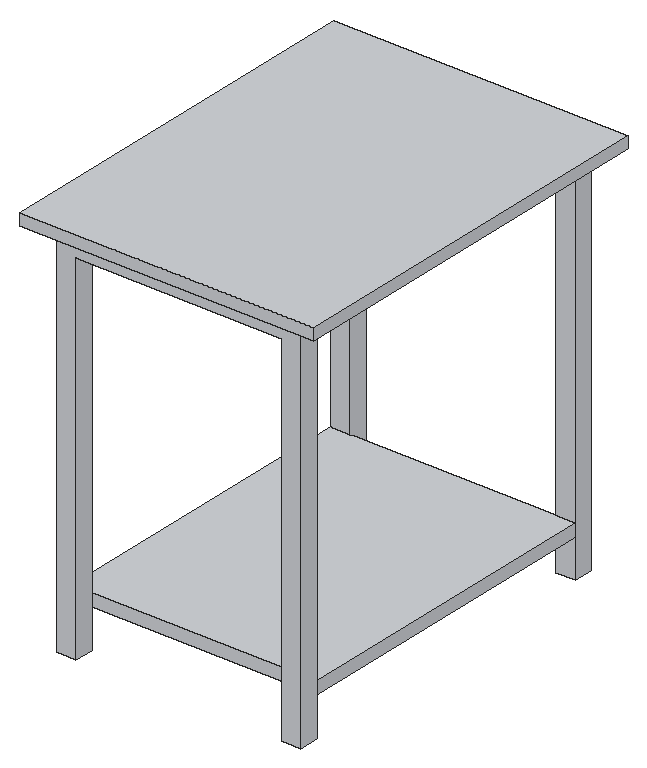
Revit family "Подставка под оборудование", category Мебель, Revit 2019
Family settings
  Номер OmniClass = 23.40.20.00
  Заголовок OmniClass = General Furniture and Specialties
  На основе рабочей плоскости = Нет
  Всегда вертикально = Да
  При загрузке вырезать с полостями = Нет
  Общий = Нет
  Точка расчета площади = Нет
Parameters (values of type "Подставка под оборудование габ. 800х600х800мм")
  Описание = "Подставка под оборудование; габ. 800х600х800мм"
  Type Comments = ""
  Keynote = ""
  Manufacturer = ""
  Model = ""
  ADSK_Размер_Ширина = 800 mm
  ADSK_Размер_Длина = 600 mm
  ADSK_Размер_Высота = 800 mm
  ADSK_Обозначение = ""
  ADSK_Масса = 0
  ADSK_Код изделия = ""
  ADSK_Единица измерения = "шт"  # constant formula
Reference planes
  plane 1 "По центру (Вперед/Назад)": y = 0
  plane 2: z = 0
  plane 3 "По центру (Влево/Вправо)": x = 0
  plane 4: z = 800
  plane 5: y = 400
  plane 6: x = 300
  plane 7: x = -300
  plane 8: y = -400
Forms (mm)
  Extrusion 1, solid
    sketch origin (0, -518.993, 602.976) x (-1, 0, 0) y (0, -1, 0)
      loop
        line (300, -918.993) -> (300, -118.993) -> (-300, -118.993) -> (-300, -918.993) -> (300, -918.993)
    from 172.024 to 197.024
  Sweep 2, solid
    path origin (-300, 414.987, 1200) x (0, 1, 0) y (0, 0, 1)
      loop
        line (-64.987, -1200) -> (-64.987, -445) -> (-764.987, -445) -> (-764.987, -1200)
    profile origin (-300, 350, 377.5) x (0, -1, 0) y (1, 0, 0)
      loop
        line (20, 50) -> (20, 90) -> (-20, 90) -> (-20, 50) -> (20, 50)
  Sweep 3, solid
    path origin (300, 414.987, 1200) x (0, 1, 0) y (0, 0, 1)
      loop
        line (-64.987, -1200) -> (-64.987, -445) -> (-764.987, -445) -> (-764.987, -1200)
    profile origin (300, 350, 377.5) x (0, -1, 0) y (1, 0, 0)
      loop
        line (20, -90) -> (20, -50) -> (-20, -50) -> (-20, -90) -> (20, -90)
  Extrusion 4, solid
    sketch origin (0, -518.993, 107.976) x (-1, 0, 0) y (0, -1, 0)
      loop
        line (250, -848.993) -> (250, -188.993) -> (-250, -188.993) -> (-250, -848.993) -> (250, -848.993)
    from -27.976 to -2.976
  Extrusion 5, solid
    sketch origin (0, -518.993, 567.976) x (-1, 0, 0) y (0, -1, 0)
      loop
        line (210, -848.993) -> (-210, -848.993) -> (-210, -888.993) -> (210, -888.993) -> (210, -848.993)
      loop
        line (-210, -188.993) -> (210, -188.993) -> (210, -148.993) -> (-210, -148.993) -> (-210, -188.993)
    from 167.024 to 207.024
Cuts and joins
  joined: Sweep 2, Sweep 3, Extrusion 5
Dimensions and locks
  plane 2 to plane 4 = 800 mm
  equal spacing: plane 8, plane 1 "По центру (Вперед/Назад)", plane 5
  equal spacing: plane 7, plane 3 "По центру (Влево/Вправо)", plane 6
  "ADSK_Размер_Длина": plane 7 to plane 6
  "ADSK_Размер_Ширина": plane 5 to plane 8
  "ADSK_Размер_Высота": plane 2 to plane 4
  locked: Extrusion 1 to plane 4 at 25
  locked: Sweep 2 sketch curve to plane 8 at 50
  locked: plane 5 to Sweep 2 sketch curve at 50
  locked: Sweep 2 sketch curve to Sweep 2 sketch curve at 40  (x2)
  locked: Sweep 2 sketch curve to Extrusion 1 at 20
  locked: Sweep 2 to plane 7 at 50
  locked: Sweep 3 sketch curve to Sweep 3 sketch curve at 40  (x2)
  locked: plane 6 to Sweep 3 at 50
  Extrusion 4 to plane 2 = 80 mm
  locked: Extrusion 4 to Extrusion 4 at 25
  aligned and locked: level to plane 2
  aligned and locked: Extrusion 1 sketch curve to plane 5
  aligned and locked: Extrusion 1 sketch curve to plane 7
  aligned and locked: plane 8 to Extrusion 1 sketch curve
  aligned and locked: Extrusion 1 sketch curve to plane 6
  aligned and locked: Extrusion 1 to plane 4
  aligned and locked: level to Sweep 2 sketch curve  (x2)
  aligned and locked: Extrusion 4 sketch curve to Sweep 2  (x2)
  aligned and locked: Extrusion 4 sketch curve to Sweep 3  (x2)
  aligned and locked: Extrusion 5 to Extrusion 1
  aligned and locked: Sweep 2 to Extrusion 5
  aligned and locked: Extrusion 5 to Sweep 2
  aligned and locked: Sweep 2 to Extrusion 5 sketch curve
  aligned and locked: Extrusion 5 sketch curve to Sweep 3  (x4)
  aligned and locked: Extrusion 5 sketch curve to Sweep 2
Automatic sketch dimensions
  profile plane to Sweep 2 sketch curve = 20 mm
  plane 7 to Sweep 2 sketch curve = 50 mm
  Sweep 3 sketch curve to level = 0 mm  (x2)
  plane 8 to Sweep 3 sketch curve = 50 mm
  Sweep 3 sketch curve to plane 5 = 50 mm
  plane 4 to Sweep 3 sketch curve = 45 mm
  profile plane to Sweep 3 sketch curve = 20 mm
  Sweep 3 sketch curve to plane 6 = 90 mm
  plane 7 to Extrusion 5 sketch curve = 90 mm
  Extrusion 5 sketch curve to Extrusion 5 sketch curve = 40 mm  (x2)
